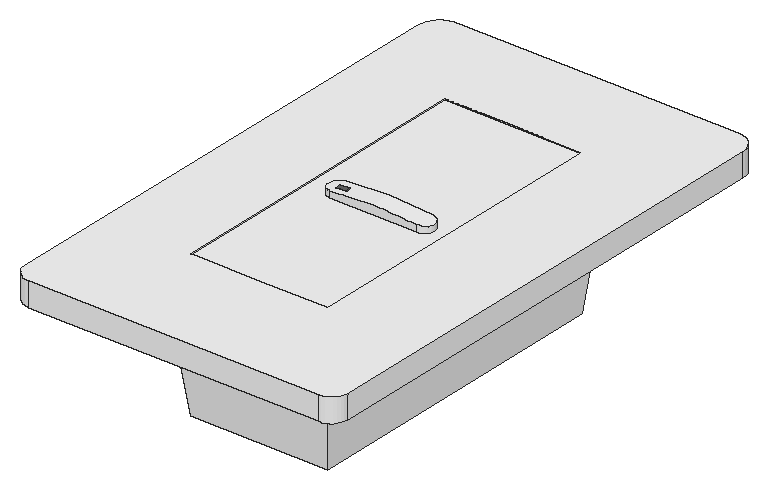
Revit family "1802a_lvseries", category Communication Devices, host Face, Revit 2014
Parameters (values of type "LVSM1PL")
  Warranty = "5-Years Warranty"  # constant formula
  Type Comments = "Low Voltage Switches"  # constant formula
  Product Page URL = "https://www.hubbell.com/hubbellcontrolsolutions/en/Products/Lighting-Controls/Lighting-Controls-Sensors/Low-Voltage-Switch-Stations/Low-Voltage-Switches/p/220908"
  Product Documentation Link = "https://hubbellcdn.com/specsheet/1802a_lvsseries_cutsheet.pdf"
  URL = "https://www.hubbell.com/hubbellcontrolsolutions/en"
  Model = "Low Voltage Switches"  # constant formula
  Manufacturer = "Hubbell Control Solutions"  # constant formula
  Width = 2.75"
  LED = yes
  Features = "Attractive, architecturally pleasing design\r\n• Momentary or latching button action\r\n• 1-4 buttons with or without LED\r\n• Mounts to standard single-gang box\r\n• California Title 24 compliant\r\n• Five-year limited warranty\r\n• Low voltage device: 24VDC"  # constant formula
  Black = Paint - Hubbell - Carbon Black
  Height = 4.50"
  White = Paint - Hubbell - Matte White
  Description = "Our Low Voltage Wall Switches are designed for virtually any\r\narea. The soft contours of its architecturally-pleasing design fit\r\neasily into any décor. Momentary version switches are available\r\nand feature multiple button configurations making them the\r\nperfect switch solution for low voltage occupancy sensors,\r\ndaylighting controls and networked lighting control panels."  # constant formula
  Default Elevation = 48.00"
  Create Date = "02/08/2019"
  Copyright = "Copyright © 2019 Hubbell Control Solutions"  # constant formula
  Contact Us = "https://www.hubbell.com/hubbellcontrolsolutions/en/contactUs"
  Assembly Code = "D5090"
Types (3): name | LED
  (no name) | yes
  LVSM1NP | no
  LVSM1PL | yes
Reference planes (in)
  plane 1 "Center (Front/Back)": y = 13.01342
  plane 2: z = 0
  plane 3 "Center (Left/Right)": x = 0
  plane 4: x = -1.375
  plane 5: x = 1.375
  plane 6: y = 15.26342
  plane 7: y = 10.76342
  plane 8: z = -1.35
  plane 9: z = 0.3
Forms (in)
  Extrusion 1, solid, material "Paint - Hubbell - Matte White" <- "White"
    sketch origin (0, 0, -0.5) x (1, 0, 0) y (0, 1, 0)
      loop
        arc (-1.17464, 15.26342) -> (-1.31632, 15.20473) -> (-1.375, 15.06306) r 0.20036
        line (-1.375, 15.06306) -> (-1.375, 10.91856)
        arc (-1.375, 10.91856) -> (-1.32956, 10.80886) -> (-1.21986, 10.76342) r 0.15514
        line (-1.21986, 10.76342) -> (1.23768, 10.76342)
        arc (1.23768, 10.76342) -> (1.33478, 10.80364) -> (1.375, 10.90074) r 0.13732
        line (1.375, 10.90074) -> (1.375, 15.08233)
        arc (1.375, 15.08233) -> (1.32196, 15.21038) -> (1.19391, 15.26342) r 0.18109
        line (1.19391, 15.26342) -> (-1.17464, 15.26342)
    from 0.6 to 0.4
  Extrusion 2, solid, material "Paint - Hubbell - Matte White" <- "White"
    sketch origin (0, 0, 0) x (1, 0, 0) y (0, 1, 0)
      loop
        line (-0.61252, 14.41205) -> (-0.61252, 11.71709) -> (0, 11.71709) -> (0.55202, 11.71709) -> (0.55202, 14.41205) -> (0, 14.41205) -> (-0.61252, 14.41205)
    from 0.23534 to 0.1
  Extrusion 3, void
    sketch origin (0, 13.01342, 0) x (1, 0, 0) y (0, 0, 1)
      loop
        line (-0.61314, 0.45345) -> (-0.61314, 0.0923)
        arc (-0.61314, 0.0923) -> (-0.03211, 0.07642) -> (0.54898, 0.09016) r 11.40207
        line (0.54898, 0.09016) -> (0.54898, 0.45345) -> (-0.61314, 0.45345)
    from 1.29633 to -1.39863
  Extrusion 4, solid, material "Paint - Hubbell - Matte White" <- "White"
    sketch origin (0, -0.25782, -0.17578) x (1, 0, 0) y (0, 1, 0)
      loop
        arc (-0.36532, 13.31515) -> (-0.44943, 13.23104) -> (-0.36532, 13.14693) r 0.08411
        line (-0.36532, 13.14693) -> (0.36532, 13.14693)
        arc (0.36532, 13.14693) -> (0.44943, 13.23104) -> (0.36532, 13.31515) r 0.08411
        line (0.36532, 13.31515) -> (-0.36532, 13.31515)
    from 0.35493 to 0.27578
  Extrusion 5, void
    sketch origin (0, 12.9431, -0.15625) x (1, 0, 0) y (0, 0, 1)
      loop
        line (-0.51828, 0.93634) -> (-0.51828, 0.29021)
        arc (-0.51828, 0.29021) -> (-0.01101, 0.33338) -> (0.49658, 0.29405) r 3.14149
        line (0.49658, 0.29405) -> (0.49658, 0.93634) -> (-0.51828, 0.93634)
    from 0.07779 to -0.22916
  Blend 6, solid, material "Paint - Hubbell - Matte White" <- "White"
    base sketch origin (0, 0, 0) x (1, 0, 0) y (0, 1, 0)
      loop
        line (-0.73509, 14.56519) -> (-0.73509, 11.56519) -> (0.66835, 11.56519) -> (0.66835, 14.56519) -> (-0.73509, 14.56519)
    top sketch origin (0, 0, 0) x (1, 0, 0) y (0, 1, 0)
      loop
        line (-0.61252, 14.41205) -> (-0.61252, 11.71709) -> (0.55202, 11.71709) -> (0.55202, 14.41205) -> (-0.61252, 14.41205)
    from 0 to -1.12608
  Extrusion 7, solid, material "Paint - Hubbell - Carbon Black" <- "Black", visible <- "LED"
    sketch origin (0, 0, 0) x (1, 0, 0) y (0, 1, 0)
      loop
        line (-0.36022, 12.98458) -> (-0.36022, 12.94513) -> (-0.27229, 12.94513) -> (-0.27229, 12.98458) -> (-0.36022, 12.98458)
    from 0.18045 to 0.13751
Cuts and joins
  Extrusion 3 cuts Extrusion 1
  Extrusion 3 cuts Extrusion 2
  joined: Extrusion 1, Extrusion 2
  Extrusion 5 cuts Extrusion 4
  Extrusion 5 cuts Extrusion 7
Dimensions and locks (in)
  plane 2 to plane 8 = 1.35"
  "Width": plane 4 to plane 5
  equal spacing: plane 4, plane 3 "Center (Left/Right)", plane 5
  "Height": plane 7 to plane 6
  equal spacing: plane 7, plane 1 "Center (Front/Back)", plane 6
  plane 9 to plane 8 = 1.65"
  aligned and locked: plane 2 to host face
  aligned and locked: level to host face
Automatic sketch dimensions
  host sketch curve to host sketch curve = 96.00"  (x2)
  Extrusion 1 sketch curve to plane 4 = 0.00"
  plane 7 to Extrusion 1 sketch curve = 0.00"
  plane 6 to Extrusion 1 sketch curve = 0.00"
  Extrusion 1 sketch curve to plane 5 = 0.00"
  plane 4 to Extrusion 1 sketch curve = 0.15514"
  plane 4 to Extrusion 1 sketch curve = 0.20036"
  Extrusion 1 sketch curve to Extrusion 1 sketch curve = 0.18109"
  Extrusion 1 sketch curve to plane 5 = 0.13732"
  Extrusion 2 sketch curve to plane 3 "Center (Left/Right)" = 0.00"  (x2)
  Extrusion 2 sketch curve to plane 3 "Center (Left/Right)" = 0.61252"
  Extrusion 2 sketch curve to Extrusion 2 sketch curve = 0.55202"
  Extrusion 2 sketch curve to plane 7 = 0.95367"
  plane 6 to Extrusion 2 sketch curve = 0.85137"
  Extrusion 4 sketch curve to plane 1 "Center (Front/Back)" = 0.04391"
  Extrusion 4 sketch curve to plane 3 "Center (Left/Right)" = 0.36532"
  plane 3 "Center (Left/Right)" to Extrusion 4 sketch curve = 0.36532"
  Extrusion 4 sketch curve to Extrusion 4 sketch curve = 0.08411"
  plane 9 to Extrusion 5 sketch curve = 0.16604"
  Extrusion 5 sketch curve to plane 3 "Center (Left/Right)" = 0.51828"
  plane 3 "Center (Left/Right)" to Extrusion 5 sketch curve = 0.00087"
  plane 3 "Center (Left/Right)" to Extrusion 5 sketch curve = 0.49658"
  plane 8 to Extrusion 5 sketch curve = 1.61434"
  Extrusion 5 sketch curve to plane 9 = 0.48009"
  plane 4 to Blend 6 sketch curve = 0.63991"
  plane 3 "Center (Left/Right)" to Blend 6 sketch curve = 0.66835"
  Blend 6 sketch curve to plane 7 = 0.80177"
  plane 6 to Blend 6 sketch curve = 0.69823"
  Blend 6 sketch curve to plane 3 "Center (Left/Right)" = 0.61252"
  plane 3 "Center (Left/Right)" to Blend 6 sketch curve = 0.55202"
  Blend 6 sketch curve to plane 7 = 0.95367"
  plane 6 to Blend 6 sketch curve = 0.85137"
  plane 1 "Center (Front/Back)" to Extrusion 7 sketch curve = 0.06829"
  Extrusion 7 sketch curve to plane 3 "Center (Left/Right)" = 0.36022"
  Extrusion 7 sketch curve to Extrusion 7 sketch curve = 0.08793"
  plane 1 "Center (Front/Back)" to Extrusion 7 sketch curve = 0.02884"
  level to Extrusion 3 sketch curve = 0.0923"
  Extrusion 3 sketch curve to plane 3 "Center (Left/Right)" = 0.61314"
  Extrusion 3 sketch curve to plane 3 "Center (Left/Right)" = 0.01115"
  level to Extrusion 3 sketch curve = 0.09016"
  plane 3 "Center (Left/Right)" to Extrusion 3 sketch curve = 0.54898"
  Extrusion 3 sketch curve to plane 9 = 0.15345"
Connectors (in)
  electrical at (0.00464, 13.0023, 0.1)
    settings: on cut or joined group of Extrusion 1, Extrusion 2, Extrusion 3, index 1, voltage 0 V, apparent load 0 VA, apparent load phase1 0 VA, apparent load phase2 0 VA, apparent load phase3 0 VA, power factor 1, load classification "Other", number of poles 1, system type 14, power factor state 1, is connector primary yes, connector utility no, sub classification motor no, connector description "Low Voltage Wall Switch"
